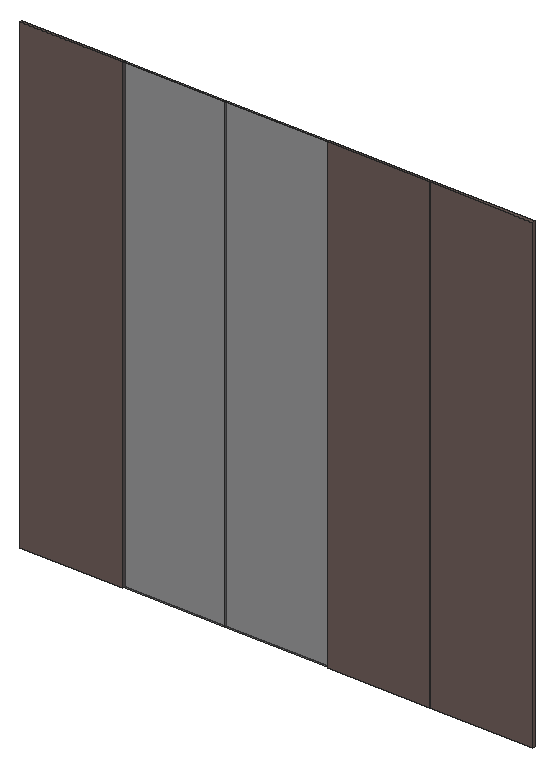
Revit family
Reference planes
  plane 1 "중심(앞/뒤)": y = 0
  plane 2: z = 0
  plane 3 "중심(왼쪽/오른쪽)": x = 0
Forms (mm)
  Extrusion 1, solid, material "지정천연무늬목마감"
    sketch origin (57.21, -417.531, 0) x (1, 0, 0) y (0, 1, 0)
      loop
        line (-1177.21, 277.645) -> (-1177.21, 266.394) -> (-707.21, 266.394) -> (-707.21, 277.645) -> (-1177.21, 277.645)
    from 0 to 2160
  Extrusion 2, solid, material "지정은경"
    sketch origin (527.21, -417.531, 0) x (1, 0, 0) y (0, 1, 0)
      loop
        line (-1177.21, 277.645) -> (-1177.21, 266.394) -> (-707.21, 266.394) -> (-707.21, 277.645) -> (-1177.21, 277.645)
    from 0 to 2160
  Extrusion 3, solid, material "지정은경"
    sketch origin (997.21, -417.531, 0) x (1, 0, 0) y (0, 1, 0)
      loop
        line (-1177.21, 277.645) -> (-1177.21, 266.394) -> (-707.21, 266.394) -> (-707.21, 277.645) -> (-1177.21, 277.645)
    from 0 to 2160
  Extrusion 4, solid, material "지정천연무늬목마감"
    sketch origin (1467.21, -417.531, 0) x (1, 0, 0) y (0, 1, 0)
      loop
        line (-1177.21, 277.645) -> (-1177.21, 266.394) -> (-707.21, 266.394) -> (-707.21, 277.645) -> (-1177.21, 277.645)
    from 0 to 2160
  Extrusion 5, solid, material "지정천연무늬목마감"
    sketch origin (1937.21, -417.531, 0) x (1, 0, 0) y (0, 1, 0)
      loop
        line (-1177.21, 277.645) -> (-1177.21, 266.394) -> (-707.21, 266.394) -> (-707.21, 277.645) -> (-1177.21, 277.645)
    from 0 to 2160
